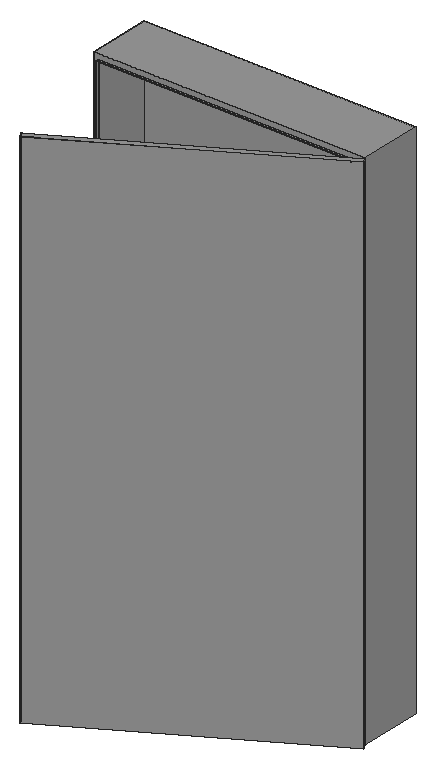
Revit family "Hager-Univers-IP44-D205-H1550-Cl.II-Encl-NoHosted-DE-de", category Equipement électrique, Revit 2020
Family settings
  Configuration du panneau = Deux colonnes, circuits au sein
  Cote de connecteur circulaire = Utiliser le diamètre
  Type d'élément = Tableau de raccordement
  Basée sur le plan de construction = Oui
  Toujours verticalement = Oui
  Couper avec des vides une fois chargée = Non
  Partagée = Non
  Point de calcul de pièce = Non
Parameters (values of type "Aufputz IP44 B800 H1550 T205  - FP03SN2")
  Width Control [instance] = if([EF000008 - Breite] > Min Width, [EF000008 - Breite], Min Width)  # 800 mm
  Commentaires du type = [HG000003 - Bereich]  # "Univers"
  Thickness Door [instance] = if([EF009171 - Materialstärke Tür/Deckel] > 3 mm, 3 mm, [EF009171 - Materialstärke Tür/Deckel])  # 1 mm
  Seal Frame Offset [instance] = 17 mm  # constant formula
  Plinth Visibility [instance] = [HG000027 - Sockelhöhe] > 0 mm  # no
  Min Width [instance] = 100 mm  # constant formula
  Min Depth [instance] = (2 * [EF009170 - Materialstärke Gehäuse]) + 1 mm  # 3 mm
  Min Height [instance] = 100 mm  # constant formula
  Internal Frame Depth [instance] = (Door System Depth * 0.5)  # 9 mm
  Panel Name [instance] = ""  # (empty or 0)
  Model = ""
  HG000027 - Sockelhöhe = 0 mm
  HG000026 - Stehend auf dem Boden = no
  HG000024 - Höhe des unteren Teils = 600 mm
  HG000023 - Gehäuse mit doppeltem Querschnitt = no
  HG000016 - 3D-Türsichtbarkeit [instance] = yes
  HG000015 - Sichtbarkeit der Türöffnung [instance] = no
  HG000014 - Tür rechts [instance] = yes
  HG000013 - Tür links [instance] = not([HG000014 - Tür rechts])  # no
  HG000012 - Türschwenkwinkel [instance] = 30.00°
  HG000010 - Asymmetrische Türen = no
  HG000009 - Doppelflügeligen Tür = no
  HG000006 - Unterputz = no
  HG000004 - Herstellerreferenz = "FP03SN2"
  HG000003 - Bereich = "Univers"
  HG000002 - Mit tür = yes
  Frame Offset Bottom [instance] = 10 mm  # constant formula
  Frame Offset [instance] = 15 mm  # constant formula
  EF015940 - Deckel mit Überdruckentlastung = no
  EF011959 - Schutzart (NEMA) = ""
  EF009554 - Anzahl der Öffnungen für Flanschplatten = 6
  EF009212 - Ausführung Deckel = "EV000116 - geschlossen"
  EF009171 - Materialstärke Tür/Deckel = 1 mm
  EF009170 - Materialstärke Gehäuse = 1 mm
  EF008873 - Nennstrom (In) = 250 A
  EF007800 - Geeignet für Blitzschutz = no
  EF006306 - Mit Schloss = no
  EF006244 - Transparenter Deckel/Tür = no
  EF005474 - Schutzart (IP) = "EV006418 - IP44"
  EF004464 - Art der Tür = "EV002646 - Einzel"
  EF004427 - Anzahl der Module = 360
  EF004293 - Schlagfestigkeit = "EV006815 - IK09"
  EF003532 - Geeignet für Außengebrauch = no
  EF002950 - Breite in Teilungseinheiten = 36
  EF001613 - Funktionserhalt = "EV000494 - ohne"
  EF001596 - Werkstoff des Gehäuses = "EV000179 - Stahl"
  EF001131 - Innentiefe = 143 mm
  EF001088 - Anbaumöglichkeit = yes
  EF000437 - Anzahl der Leitungseinführungen = 6
  EF000339 - Art der Abdeckung = "EV001012 - Deckel"
  EF000266 - Anzahl der Reihen = 10
  EF000218 - Einbautiefe = 205 mm
  EF000118 - Mit Montageplatte = no
  EF000116 - RAL-Nummer = "9010"
  EF000049 - Tiefe = 205 mm
  EF000040 - Höhe = 1550 mm
  EF000008 - Breite = 800 mm
  EF000007 - Farbe = "EV000202 - weiß"
  EF000003 - Montageart = "EV000384 - Aufputz"
  Door System Leaf Tolerance [instance] = 1.5 mm  # constant formula
  Door System Depth [instance] = 18 mm  # constant formula
  Door Height [instance] = Height Control - [HG000027 - Sockelhöhe]  # 1550 mm
  Description = ""
  Default Elevation = 1219.2 mm
  Connector Offset [instance] = Height Control / 2  # 775 mm
  Fabricant = "Hager"  # constant formula
  Height Control [instance] = if([EF000040 - Höhe] > Min Height, [EF000040 - Höhe], Min Height)  # 1550 mm
  Depth Control [instance] = if([EF000049 - Tiefe] > Min Depth, [EF000049 - Tiefe], Min Depth)  # 205 mm
  Bottom Top Plate Trim [instance] = 1.5 mm  # constant formula
  Plinth height Ctrl [instance] = if([HG000027 - Sockelhöhe] > 0 mm, [HG000027 - Sockelhöhe], 12 mm)  # 12 mm
Types (5, lengths in mm): name | Width Control | HG000009 - Doppelflügeligen Tür | HG000004 - Herstellerreferenz | EF009554 - Anzahl der Öffnungen für Flanschplatten | EF008873 - Nennstrom (In) | EF004464 - Art der Tür | EF004427 - Anzahl der Module | EF002950 - Breite in Teilungseinheiten | EF001131 - Innentiefe | EF000437 - Anzahl der Leitungseinführungen | EF000008 - Breite
  Aufputz IP44 B1050 H1550 T205  - FP04SN2 | 1050 | yes | "FP04SN2" | 8 | 400 A | "EV003602 - Doppel" | 480 | 48 | 143 | 8 | 1050
  Aufputz IP44 B1300 H1550 T205  - FP05SN2 | 1300 | yes | "FP05SN2" | 10 | 400 A | "EV003602 - Doppel" | 600 | 60 | 143 | 10 | 1300
  Aufputz IP44 B300 H1550 T205  - FP01SN2 | 300 | no | "FP01SN2" | 2 | 250 A | "EV002646 - Einzel" | 120 | 12 | 130 | 2 | 300
  Aufputz IP44 B550 H1550 T205  - FP02SN2 | 550 | no | "FP02SN2" | 4 | 250 A | "EV002646 - Einzel" | 240 | 24 | 143 | 4 | 550
  Aufputz IP44 B800 H1550 T205  - FP03SN2 | 800 | no | "FP03SN2" | 6 | 250 A | "EV002646 - Einzel" | 360 | 36 | 143 | 6 | 800
Reference planes
  plane 1 "Center (Front/Back)": y = 0
  plane 2: z = 0
  plane 3 "Center (Left/Right)": x = 0
  plane 4: y = 0
  plane 5: y = 0
  plane 6: z = 0
  plane 7: x = -400
  plane 8: x = 400
  plane 9: x = 399
  plane 10: x = -399
  plane 11: z = 0
  plane 12: z = 1
  plane 13: y = -205
  plane 14: y = -1
  plane 15: x = 0
  plane 16: y = -187
  plane 17: y = -204
  plane 18: y = -186
  plane 19: x = -384
  plane 20: x = 384
  plane 21: z = 11
  plane 22: x = -383
  plane 23: x = 383
  plane 24: z = 0
  plane 25: z = 1550
  plane 26: z = 1550
  plane 27: z = 1534
  plane 28: z = 1549
Forms (mm)
  Extrusion 1, solid, material "Hager_Steel_RAL7035_Light_Grey", detail levels medium+fine
    sketch origin (-208.679, -4572, 0) x (-1, 0, 0) y (0, -1, 0)
      loop
        line (191.321, -4385) -> (-608.679, -4385) -> (-608.679, -4572) -> (191.321, -4572) -> (191.321, -4385)
    from 0 to 1550
  Extrusion 2, void
    sketch origin (-350.771, -205, 1219.2) x (1, 0, 0) y (0, 0, 1)
      loop
        line (-48.229, 329.8) -> (-48.229, -1218.2) -> (749.771, -1218.2) -> (749.771, 329.8) -> (-48.229, 329.8)
    from -19 to -204
  Extrusion 3, void
    sketch origin (-290.084, -187, 1219.2) x (1, 0, 0) y (0, 0, 1)
      loop
        line (-93.916, -1208.2) -> (674.084, -1208.2) -> (674.084, 314.8) -> (-93.916, 314.8) -> (-93.916, -1208.2)
    from 0 to -1
  Extrusion 4, solid, material "Hager_Steel_RAL7035_Light_Grey", visible <- "Plinth Visibility", detail levels medium+fine
    sketch origin (0, 0, 0) x (1, 0, 0) y (0, 1, 0)
      loop
        line (-400, 0) -> (-400, -187) -> (400, -187) -> (400, 0) -> (-400, 0)
    from 0 to 12 <- "Plinth height Ctrl"
  Extrusion 5, solid, material "Hager_Steel_RAL7035_Light_Grey", detail levels coarse
    sketch origin (0, 0, 0) x (1, 0, 0) y (0, 1, 0)
      loop
        line (-400, 0) -> (-400, -205) -> (400, -205) -> (400, 0) -> (-400, 0)
    from 0 to 1550 <- "Height Control"
  Sweep 6, void
    path in 3D
      loop
        line (-400, -187, 12) -> (400, -187, 12) -> (400, 0, 12) -> (-400, 0, 12) -> (-400, -187, 12)
    profile origin (-400, -93.5, 12) x (1, 0, 0) y (0, 0, 1)
      loop
        line (0, 0) -> (0, -1.5) -> (1.5, -1.5)
        arc (1.5, -1.5) -> (1.061, -0.439) -> (0, 0) r 1.5
  Extrusion 7, solid, material "Hager_Steel_RAL7035_Light_Grey", detail levels fine
    sketch origin (-400, -187, 0) x (1, 0, 0) y (0, 0, 1)
      loop
        line (16, 11) -> (784, 11) -> (784, 1534) -> (16, 1534) -> (16, 11)
      loop
        line (15, 10) -> (785, 10) -> (785, 1535) -> (15, 1535) -> (15, 10)
    from 0 to 9 <- "Internal Frame Depth"
Cuts and joins
  Extrusion 2, Extrusion 3 cuts Extrusion 1
  Sweep 6 cuts Extrusion 4
Lines and regions (mm)
  Masking region 1
    outline origin (0, 0, 0) x (1, 0, 0) y (0, 1, 0)
      loop
        line (-400, 0) -> (-400, -205) -> (400, -205) -> (400, 0) -> (-400, 0)
  Masking region 2, detail levels coarse
    outline origin (-290.084, -187, 1219.2) x (-1, 0, 0) y (0, 0, 1)
      loop
        line (-690.084, -1219.2) -> (109.916, -1219.2) -> (109.916, 330.8) -> (-690.084, 330.8) -> (-690.084, -1219.2)
  Masking region 3, detail levels coarse
    outline origin (0, 0, 0) x (0, 1, 0) y (0, 0, 1)
      loop
        line (0, 0) -> (0, 1550) -> (-205, 1550) -> (-205, 0) -> (0, 0)
  Masking region 4, visible <- "Plinth Visibility", detail levels medium+fine
    outline origin (0, 0, 0) x (0, 1, 0) y (0, 0, 1)
      loop
        line (-1.5, 12) -> (-185.5, 12)
        arc (-185.5, 12) -> (-185.939, 10.939) -> (-187, 10.5) r 1.5
        line (-187, 10.5) -> (-187, 0) -> (0, 0) -> (0, 10.5)
        arc (0, 10.5) -> (-1.061, 10.939) -> (-1.5, 12) r 1.5
  Masking region 5, detail levels medium+fine
    outline origin (0, 0, 594.038) x (0, 1, 0) y (0, 0, 1)
      loop
        line (0, -594.038) -> (0, 955.962) -> (-187, 955.962) -> (-187, -594.038) -> (0, -594.038)
  Masking region 6, detail levels medium+fine
    outline origin (-359.7, -187, 1211.883) x (-1, 0, 0) y (0, 0, 1)
      loop
        line (-759.7, -1211.883) -> (40.3, -1211.883) -> (40.3, 338.117) -> (-759.7, 338.117) -> (-759.7, -1211.883)
  Masking region 7, visible <- "Plinth Visibility", detail levels medium+fine
    outline origin (-320.334, -187, 1041.368) x (-1, 0, 0) y (0, 0, 1)
      loop
        line (-720.334, -1041.368) -> (79.666, -1041.368) -> (79.666, -1030.868)
        arc (79.666, -1030.868) -> (78.606, -1030.429) -> (78.166, -1029.368) r 1.5
        line (78.166, -1029.368) -> (-718.834, -1029.368)
        arc (-718.834, -1029.368) -> (-719.273, -1030.429) -> (-720.334, -1030.868) r 1.5
        line (-720.334, -1030.868) -> (-720.334, -1041.368)
  sketch lines
    curve 1: line (-400, 0, 12) -> (-400, -187, 12)
    curve 2: line (-400, -187, 12) -> (400, -187, 12)
    curve 3: line (400, 0, 12) -> (-400, 0, 12)
    curve 4: line (400, -187, 12) -> (400, 0, 12)
Dimensions and locks
  locked: plane 1 "Center (Front/Back)" to plane 5
  "EF009170 - Materialstärke Gehäuse": plane 7 to plane 10
  "EF009170 - Materialstärke Gehäuse": plane 8 to plane 9
  equal spacing: plane 7, plane 3 "Center (Left/Right)", plane 8
  "Width Control": plane 7 to plane 8
  "Depth Control": plane 4 to plane 13
  "EF009170 - Materialstärke Gehäuse": plane 4 to plane 14
  "Height Control": plane 25 to level
  "HG000027 - Sockelhöhe": plane 11 to level
  "EF009170 - Materialstärke Gehäuse": plane 12 to plane 11
  "EF009170 - Materialstärke Gehäuse": plane 17 to plane 13
  "EF009170 - Materialstärke Gehäuse": plane 18 to plane 16
  "Frame Offset Bottom": plane 21 to plane 12
  "Frame Offset": plane 10 to plane 19
  "Frame Offset": plane 9 to plane 20
  "Door System Depth": plane 16 to plane 13
  "Seal Frame Offset": plane 7 to plane 22
  "Seal Frame Offset": plane 8 to plane 23
  "EF009170 - Materialstärke Gehäuse": plane 26 to plane 28
  "Frame Offset": plane 28 to plane 27
  "Connector Offset": plane 2 to connector elem
  "Bottom Top Plate Trim": profile plane to Sweep 6 sketch curve
  "Bottom Top Plate Trim": Sweep 6 sketch curve to Sweep 6 sketch curve
  "Plinth height Ctrl": Masking region 4 sketch curve to level
  "Plinth height Ctrl": Masking region 7 sketch curve to level
  "Thickness Door": Extrusion 7 sketch curve to Extrusion 7 sketch curve  (x4)
  "Bottom Top Plate Trim": radius of Sweep 6 sketch curve
  "Bottom Top Plate Trim": radius of Masking region 4 sketch curve  (x2)
  "Bottom Top Plate Trim": radius of Masking region 7 sketch curve  (x2)
  aligned and locked: Extrusion 2 sketch curve to plane 12
  aligned and locked: Extrusion 2 sketch curve to plane 9
  aligned and locked: Extrusion 2 sketch curve to plane 10
  aligned and locked: Extrusion 2 to plane 14
  aligned and locked: Extrusion 1 sketch curve to plane 4
  aligned and locked: plane 8 to Extrusion 1 sketch curve
  aligned and locked: plane 7 to Extrusion 1 sketch curve
  aligned and locked: Extrusion 2 to plane 18
  aligned and locked: Extrusion 3 sketch curve to plane 19
  aligned and locked: plane 20 to Extrusion 3 sketch curve
  aligned and locked: Extrusion 3 to Extrusion 2
  aligned and locked: Extrusion 3 sketch curve to plane 21
  aligned and locked: plane 3 "Center (Left/Right)" to nested 1
  aligned and locked: Extrusion 1 sketch curve to plane 16
  aligned and locked: Extrusion 4 sketch curve to cut or joined group of Extrusion 1, Extrusion 2, Extrusion 3
  aligned and locked: Masking region 1 sketch curve to plane 7
  aligned and locked: Masking region 1 sketch curve to plane 5
  aligned and locked: Masking region 1 sketch curve to plane 8
  aligned and locked: Masking region 2 sketch curve to level
  aligned and locked: level to Masking region 3 sketch curve
  aligned and locked: plane 1 "Center (Front/Back)" to Masking region 3 sketch curve
  aligned and locked: plane 13 to Masking region 3 sketch curve
  aligned and locked: plane 5 to Masking region 4 sketch curve
  aligned and locked: Masking region 2 sketch curve to plane 8
  aligned and locked: Masking region 2 sketch curve to plane 7
  aligned and locked: plane 7 to nested 2
  aligned and locked: nested 2 to plane 5
  aligned and locked: plane 5 to Masking region 5 sketch curve
  aligned and locked: plane 26 to Masking region 5 sketch curve
  aligned and locked: Extrusion 5 sketch curve to plane 8
  aligned and locked: Extrusion 5 sketch curve to plane 7
  aligned and locked: Extrusion 5 sketch curve to plane 5
  aligned and locked: Extrusion 3 sketch curve to plane 27
  aligned and locked: Extrusion 2 sketch curve to plane 28
  aligned and locked: Masking region 2 to plane 25
  aligned and locked: Extrusion 4 to plane 16
  aligned and locked: profile plane to Sweep 6 sketch curve
  aligned and locked: Masking region 5 sketch curve to plane 24
  aligned and locked: level to Masking region 4 sketch curve
  aligned and locked: Masking region 1 to plane 13
  aligned and locked: nested 1 to plane 16
  aligned and locked: Masking region 3 to plane 25
  aligned and locked: plane 16 to Masking region 4 sketch curve
  aligned and locked: Masking region 5 sketch curve to plane 16
  aligned and locked: plane 24 to plane 11
  aligned and locked: plane 26 to plane 25
  aligned and locked: plane 26 to cut or joined group of Extrusion 1, Extrusion 2, Extrusion 3
  aligned and locked: nested 1 to plane 24
  aligned and locked: Extrusion 1 to Extrusion 3
  aligned and locked: Masking region 6 sketch curve to plane 8
  aligned and locked: Masking region 6 sketch curve to plane 24
  aligned and locked: Masking region 6 sketch curve to plane 7
  aligned and locked: Masking region 6 sketch curve to plane 26
  aligned and locked: Masking region 7 sketch curve to plane 7
  aligned and locked: level to Masking region 7 sketch curve
  aligned and locked: Masking region 7 sketch curve to plane 8
  aligned and locked: Extrusion 7 sketch curve to cut or joined group of Extrusion 1, Extrusion 2, Extrusion 3  (x4)
Automatic sketch dimensions
  plane 19 to Extrusion 3 sketch curve = 0 mm
  Extrusion 3 sketch curve to plane 20 = 0 mm
  Extrusion 3 sketch curve to plane 21 = 0 mm
  Extrusion 4 sketch curve to plane 7 = 0 mm
  Extrusion 4 sketch curve to plane 8 = 0 mm
  Extrusion 4 sketch curve to plane 16 = 0 mm
  Masking region 1 sketch curve to plane 13 = 0 mm
  Masking region 2 sketch curve to plane 25 = 0 mm
  Masking region 3 sketch curve to plane 25 = 0 mm
  Extrusion 5 sketch curve to plane 13 = 0 mm
  profile plane to Sweep 6 sketch curve = 0 mm
Nested families
  nested 1: "EC000058_Univers_Door" at (0, -187, 0), Double <- "HG000009 - Doppelflügeligen Tür", Transparent <- "EF006244 - Transparenter Deckel/Tür", Angle <- "HG000012 - Türschwenkwinkel", Door_Right <- "HG000014 - Tür rechts", Assymetrical <- "HG000010 - Asymmetrische Türen", Door <- "HG000002 - Mit tür", Width_Ctrl <- "Width Control", 3d_Door <- "HG000016 - 3D-Türsichtbarkeit", Clearance <- "HG000015 - Sichtbarkeit der Türöffnung", Door_Left <- "HG000013 - Tür links", Width <- "Width Control", Door_Depth <- "Door System Depth", Leaf_Tolerance <- "Door System Leaf Tolerance", Height <- "Door Height", Lock_Visibility <- "EF006306 - Mit Schloss", Thickness <- "Thickness Door", type "EC000058_Univers_Door", detail levels medium+fine
    with min_wh 3 mm, Width_Ctrl 800 mm, Width 800 mm, Transparent no, Thickness 1 mm, Seal_Material Hager_Rubber, Lock_Visibility no, Lock_Material Hager_Plastic_RAL9005_Jet_Black, Leaf_Width 800 mm, Leaf_Tolerance_External_Sides 0 mm, Leaf_Tolerance 1.5 mm, Leaf_Offset 0 mm, Leaf_Height 1547 mm, Leaf_2_Width 800 mm, Leaf_2_Offset 400 mm, Leaf_1_Width 800 mm, Leaf_1_Offset 400 mm, Height_Ctrl 1550 mm, Height 1550 mm, Glass_Material Hager_Glass, Double_Clearance_Ctrl no, Double no, Door_Right_Ctrl yes, Door_Right yes, Door_Material Hager_Steel_RAL7035_Light_Grey, Door_Left_Ctrl no, Door_Left no, Door_Depth 18 mm, Door yes, Clearance_Material Hager_Clearance, Clearance_Depth 800 mm, Clearance_Ctrl no, Clearance no, Assymetrical no, Angle 30.00°, 3d_Door yes
  nested 2: "Hager_Enclosure_Symbol" at (-400, 0, 0), Height <- "Depth Control", Width <- "Width Control", type "Hager_Enclosure_Symbol"
    with Width_Ctrl 800 mm, Width 800 mm, Height_Ctrl 205 mm, Height 205 mm, A_Width_Int 13.453 mm, A_Width 161.438 mm, A_Height_Ctrl 179.375 mm, A_Height 179.375 mm
Connectors
  electrical at (0, 0, 775)
    settings: on plane 1 "Center (Front/Back)", index 1, voltage 0 V, apparent load 0 VA, apparent load phase1 0 VA, apparent load phase2 0 VA, apparent load phase3 0 VA, power factor 1, load classification "Other", number of poles 1, system type 30, power factor state 1, is connector primary yes, connector utility no, sub classification motor no, connector description ""
Definition of nested family "EC000058_Univers_Door"
  Parameters (values of type "EC000058_Univers_Door")
    min_wh [instance] = (2 * Thickness) + 1 mm  # 11 mm
    Width_Ctrl [instance] = 400 mm
    Width [instance] = 500 mm
    Transparent [instance] = yes
    Thickness [instance] = 5 mm
    Seal_Material [instance] = none
    Lock_Visibility [instance] = yes
    Lock_Material [instance] = none
    Leaf_Width [instance] = if((Width_Ctrl - 2 * Leaf_Tolerance_External_Sides) > 0 mm, (Width_Ctrl - 2 * Leaf_Tolerance_External_Sides), min_wh)  # 400 mm
    Leaf_Tolerance_External_Sides [instance] = 0 mm  # constant formula
    Leaf_Tolerance [instance] = 1.5 mm
    Leaf_Offset [instance] = 0 mm  # constant formula
    Leaf_Height [instance] = if((Height_Ctrl - 2 * Leaf_Tolerance) > 0 mm, (Height_Ctrl - 2 * Leaf_Tolerance), min_wh)  # 497 mm
    Leaf_2_Width [instance] = if(and(and(Double, Assymetrical), Door_Left), (Leaf_Width / 3) - (Leaf_Tolerance / 2), if(and(and(Double, Assymetrical), Door_Right), (Leaf_Width / 3) * 2 - (Leaf_Tolerance / 2), if(and(Double, not(Assymetrical)), (Leaf_Width / 2) - Leaf_Tolerance, Leaf_Width)))  # 400 mm
    Leaf_2_Offset [instance] = if(and(Double, Assymetrical), Leaf_2_Width / 2, if(and(Double, not(Assymetrical)), Leaf_Width / 4, Leaf_Width / 2))  # 200 mm
    Leaf_1_Width [instance] = if(and(and(Double, Assymetrical), Door_Right), (Leaf_Width / 3) - (Leaf_Tolerance / 2), if(and(and(Double, Assymetrical), Door_Left), (Width / 3) * 2 - (Leaf_Tolerance / 2), if(and(Double, not(Assymetrical)), (Leaf_Width / 2) - Leaf_Tolerance, Leaf_Width)))  # 400 mm
    Leaf_1_Offset [instance] = if(and(Double, Assymetrical), Leaf_1_Width / 2, if(and(Double, not(Assymetrical)), Leaf_Width / 4, Leaf_Width / 2))  # 200 mm
    Height_Ctrl [instance] = if(Height > min_wh, Height, min_wh)  # 500 mm
    Height [instance] = 500 mm
    Glass_Material [instance] = none
    Double_Clearance_Ctrl [instance] = and(Double, Clearance)  # no
    Double [instance] = no
    Door_Right_Ctrl [instance] = and(or(Door_Right, Double), Door)  # yes
    Door_Right [instance] = yes
    Door_Material [instance] = none
    Door_Left_Ctrl [instance] = and(or(Door_Left, Double), Door)  # no
    Door_Left [instance] = no
    Door_Depth [instance] = 30 mm
    Door [instance] = yes
    Default Elevation = 1219.2 mm
    Clearance_Material [instance] = none
    Clearance_Depth [instance] = if(Leaf_1_Width > Leaf_2_Width, Leaf_1_Width, Leaf_2_Width)  # 400 mm
    Clearance_Ctrl [instance] = and(not(Double), Clearance)  # yes
    Clearance [instance] = yes
    Assymetrical [instance] = yes
    Angle [instance] = 30.00°
    3d_Door [instance] = yes
  Reference planes
    plane 1 "Center (Front/Back)": y = 0
    plane 2 "Bottom": z = 0
    plane 3 "Center (Left/Right)": x = 0
    plane 4: z = 500
    plane 5: x = -200
    plane 6: x = 200
    plane 7: z = 500
    plane 8: x = -200
    plane 9: z = 0
    plane 10: x = 200
    plane 11: y = 0
    plane 12: z = 1.5
    plane 13: x = -600
    plane 14: y = -400
    plane 15: x = 600
    plane 16: x = 0
    plane 17: x = 0
    plane 18: x = -200
    plane 19: x = 200
    plane 20: z = 498.5
  Forms (mm)
    Extrusion 1, solid, material <- "Clearance_Material", visible <- "Double_Clearance_Ctrl"
      sketch origin (1200, 0, 0) x (1, 0, 0) y (0, 0, -1)
        loop
          line (-1800, -498.5) -> (-600, -498.5) -> (-600, 0) -> (-1800, 0) -> (-1800, -498.5)
      from 0 to -400
  Dimensions and locks
    equal spacing: plane 5, plane 3 "Center (Left/Right)", plane 6
    "Width_Ctrl": plane 5 to plane 6
    "Leaf_Offset": plane 5 to plane 8
    "Leaf_Offset": plane 6 to plane 10
    "Leaf_Offset": plane 9 to level
    "Leaf_Offset": plane 4 to plane 7
    "Height_Ctrl": plane 4 to level
    "Leaf_Tolerance": plane 12 to plane 9
    locked: plane 11 to plane 1 "Center (Front/Back)"
    "Leaf_1_Offset": plane 18 to plane 16
    "Leaf_2_Offset": plane 17 to plane 19
    "Leaf_1_Width": plane 13 to plane 8
    "Leaf_2_Width": plane 10 to plane 15
    "Clearance_Depth": plane 14 to plane 1 "Center (Front/Back)"
    "Leaf_Tolerance_External_Sides": plane 8 to plane 18
    "Leaf_Tolerance_External_Sides": plane 19 to plane 10
    "Leaf_Tolerance": plane 7 to plane 20
    aligned and locked: level to plane 2 "Bottom"
    aligned and locked: nested 1 to plane 16
    aligned and locked: nested 2 to plane 17
    aligned and locked: Extrusion 1 to plane 13
    aligned and locked: plane 15 to Extrusion 1
    aligned and locked: Extrusion 1 to plane 14
    aligned and locked: plane 12 to nested 1
    aligned and locked: nested 2 to plane 12
    aligned and locked: Extrusion 1 to plane 11
    aligned and locked: plane 20 to Extrusion 1
    aligned and locked: nested 2 to plane 11
    aligned and locked: nested 1 to plane 11
  Automatic sketch dimensions
    Extrusion 1 sketch curve to level = 0 mm
    plane 5 to Extrusion 1 sketch curve = 400 mm
    plane 6 to Extrusion 1 sketch curve = 400 mm
    Extrusion 1 sketch curve to plane 4 = 1.5 mm
  Nested families
    nested 1: "EC000058_Univers_Door_Leaf" at (0, 0, 1.5), Width <- "Leaf_1_Width", visible <- "Door_Left_Ctrl", Leaf_Height <- "Leaf_Height", Angle <- "Angle", 3d_Door <- "3d_Door", Transparent <- "Transparent", Clearance Material <- "Clearance_Material", Clearance <- "Clearance_Ctrl", Door_Material <- "Door_Material", Glass_Material <- "Glass_Material", Door_Depth <- "Door_Depth", Lock_Material <- "Lock_Material", Seal_Material <- "Seal_Material", Lock_Visibility <- "Lock_Visibility", Thickness <- "Thickness", type "EC000058_Univers_Door_Leaf"
      with Width 400 mm, Transparent_Glass_Offset 30 mm, Transparent_Ctrl yes, Transparent yes, Thickness 5 mm, Standard no, Seal_Material none, Seal_D2 8 mm, Seal_D1 1 mm, Offset_Internal_Frame 10 mm, Lock_Width 20 mm, Lock_Visibility_3d yes, Lock_Visibility yes, Lock_Thickness_3 3 mm, Lock_Thickness_2 1 mm, Lock_Thickness_1 3 mm, Lock_Radius_Offset_2 16 mm, Lock_Radius_Offset_1 15 mm, Lock_Radius_2 5 mm, Lock_Radius 6 mm, Lock_Offset 5 mm, Lock_Material none, Lock_Height 80 mm, Lock_Cover_Top_Offset_2d 17 mm, Lock_Cover_Height -65 mm, Leaf_Height 497 mm, Internal_Seal_Thickness 8 mm, Internal_Seal_Depth_2 4.5 mm, Internal_Frame_Depth 25 mm, Glass_Thickness -1 mm, Glass_Offset -2 mm, Glass_Material none, Door_Material none, Door_Depth 30 mm, Clearance Material none, Clearance yes, Angle_Ctrl 30.00°, Angle 30.00°, 3d_Door yes
    nested 2: "EC000058_Univers_Door_Leaf" at (0, 0, 1.5) x (-1, 0, 0) z (0, 0, 1), Width <- "Leaf_2_Width", visible <- "Door_Right_Ctrl", Leaf_Height <- "Leaf_Height", Angle <- "Angle", 3d_Door <- "3d_Door", Transparent <- "Transparent", Clearance Material <- "Clearance_Material", Clearance <- "Clearance_Ctrl", Door_Material <- "Door_Material", Glass_Material <- "Glass_Material", Door_Depth <- "Door_Depth", Lock_Material <- "Lock_Material", Seal_Material <- "Seal_Material", Lock_Visibility <- "Lock_Visibility", Thickness <- "Thickness", type "EC000058_Univers_Door_Leaf"
      with Width 400 mm, Transparent_Glass_Offset 30 mm, Transparent_Ctrl yes, Transparent yes, Thickness 5 mm, Standard no, Seal_Material none, Seal_D2 8 mm, Seal_D1 1 mm, Offset_Internal_Frame 10 mm, Lock_Width 20 mm, Lock_Visibility_3d yes, Lock_Visibility yes, Lock_Thickness_3 3 mm, Lock_Thickness_2 1 mm, Lock_Thickness_1 3 mm, Lock_Radius_Offset_2 16 mm, Lock_Radius_Offset_1 15 mm, Lock_Radius_2 5 mm, Lock_Radius 6 mm, Lock_Offset 5 mm, Lock_Material none, Lock_Height 80 mm, Lock_Cover_Top_Offset_2d 17 mm, Lock_Cover_Height -65 mm, Leaf_Height 497 mm, Internal_Seal_Thickness 8 mm, Internal_Seal_Depth_2 4.5 mm, Internal_Frame_Depth 25 mm, Glass_Thickness -1 mm, Glass_Offset -2 mm, Glass_Material none, Door_Material none, Door_Depth 30 mm, Clearance Material none, Clearance yes, Angle_Ctrl 30.00°, Angle 30.00°, 3d_Door yes
  Definition of nested family "EC000058_Univers_Door_Leaf"
    Parameters (values of type "EC000058_Univers_Door_Leaf")
      Width [instance] = 2000 mm
      Transparent_Glass_Offset [instance] = 30 mm
      Transparent_Ctrl [instance] = and(Transparent, [3d_Door])  # yes
      Transparent [instance] = yes
      Thickness [instance] = 5 mm
      Standard [instance] = and(not(Transparent), [3d_Door])  # no
      Seal_Material [instance] = none
      Seal_D2 [instance] = 8 mm  # constant formula
      Seal_D1 [instance] = 1 mm  # constant formula
      Offset_Internal_Frame [instance] = 10 mm  # constant formula
      Lock_Width [instance] = 20 mm  # constant formula
      Lock_Visibility_3d [instance] = and(Lock_Visibility, [3d_Door])  # yes
      Lock_Visibility [instance] = yes
      Lock_Thickness_3 [instance] = 3 mm  # constant formula
      Lock_Thickness_2 [instance] = 1 mm  # constant formula
      Lock_Thickness_1 [instance] = 3 mm  # constant formula
      Lock_Radius_Offset_2 [instance] = Lock_Radius_Offset_1 + 1 mm  # 16 mm
      Lock_Radius_Offset_1 [instance] = 15 mm  # constant formula
      Lock_Radius_2 [instance] = Lock_Radius - 1 mm  # 5 mm
      Lock_Radius [instance] = 6 mm  # constant formula
      Lock_Offset [instance] = 5 mm  # constant formula
      Lock_Material [instance] = none
      Lock_Height [instance] = 80 mm  # constant formula
      Lock_Cover_Top_Offset_2d [instance] = Lock_Radius_Offset_2 + 1 mm  # 17 mm
      Lock_Cover_Height [instance] = -(Lock_Height - Lock_Radius_Offset_1)  # -65 mm
      Leaf_Height [instance] = 2720.336 mm
      Internal_Seal_Thickness [instance] = 8 mm  # constant formula
      Internal_Seal_Depth_2 [instance] = 4.5 mm  # constant formula
      Internal_Frame_Depth [instance] = if(Door_Depth - Thickness > 5 mm, Door_Depth - Thickness, 5 mm)  # 25 mm
      Glass_Thickness [instance] = if(Thickness > 15 mm, Glass_Offset + 10 mm, -1 mm)  # -1 mm
      Glass_Offset [instance] = if(Thickness > 15 mm, -(Thickness + 10 mm) / 2, -2 mm)  # -2 mm
      Glass_Material [instance] = none
      Door_Material [instance] = none
      Door_Depth [instance] = 30 mm
      Default Elevation = 0 mm
      Clearance Material [instance] = none
      Clearance [instance] = yes
      Angle_Ctrl [instance] = if(Angle > 180.00°, 180.00°, Angle)  # 90.00°
      Angle [instance] = 90.00°
      3d_Door [instance] = yes
    Reference planes
      plane 1 "Center (Front/Back)": y = 0
      plane 2: z = 0
      plane 3 "Center (Left/Right)": x = 0
      plane 4: y = 2000
      plane 5: x = -1000
      plane 6: x = 1000
      plane 7: x = -3000
      plane 8: z = 2720.336
      plane 9: z = 30
      plane 10: z = 2690.336
      plane 11: x = 970
      plane 12: x = -970
      plane 13: y = -3
      plane 14: z = 107.833
      plane 15: y = -5
      plane 16: y = -223.314
      plane 17: x = -1000
      plane 18: z = 1360.168
      plane 19: y = 30
    Forms (mm)
      Extrusion 1, solid, material <- "Clearance Material", visible <- "Clearance"
        sketch origin (0, 0, 0) x (1, 0, 0) y (0, 0, 1)
          loop
            line (-3000, 2720.336) -> (-3000, 0) -> (1000, 0) -> (1000, 2720.336) -> (-3000, 2720.336)
        from 0 to -2000
      Extrusion 2, solid, material <- "Door_Material", visible <- "Standard", detail levels medium+fine
        sketch origin (-1000, 0, 0) x (0, 1, 0) y (-1, 0, 0)
          loop
            line (0, 30) -> (0, 25) -> (2000, 25) -> (2000, 30) -> (0, 30)
        from 0 to 2720.336 <- "Leaf_Height"
      Extrusion 3, solid, material <- "Door_Material", visible <- "Transparent_Ctrl", detail levels medium+fine
        sketch origin (-1000, 0, 0) x (0, 1, 0) y (-1, 0, 0)
          loop
            line (0, 25) -> (2000, 25) -> (2000, 30) -> (0, 30) -> (0, 25)
        from 0 to 2720.336 <- "Leaf_Height"
      Extrusion 4, void
        sketch origin (-1025, 2000, 0) x (0, 1, 0) y (0, 0, -1)
          loop
            line (-30, -2690.336) -> (-30, -30) -> (-1970, -30) -> (-1970, -2690.336) -> (-30, -2690.336)
        from 0 to 5 <- "Thickness"
      Sweep 5, solid, material <- "Seal_Material", visible <- "Transparent_Ctrl", detail levels fine
        path in 3D
          loop
            line (-1025, 30, 30) -> (-1025, 30, 2690.336) -> (-1025, 1970, 2690.336) -> (-1025, 1970, 30) -> (-1025, 30, 30)
        profile origin (-1025, 1000, 30) x (1, 0, 0) y (0, 0, 1)
          loop
            line (0, 0) -> (0, -8) -> (1, -8) -> (1, 0) -> (0, 0)
      Extrusion 6, solid, material <- "Glass_Material", visible <- "Transparent_Ctrl", detail levels medium+fine
        sketch origin (-1030, 0, 0) x (0, 1, 0) y (0, 0, -1)
          loop
            line (1970, -2690.336) -> (1970, -30) -> (30, -30) -> (30, -2690.336) -> (1970, -2690.336)
        from -2 <- "Glass_Offset" to -1 <- "Glass_Thickness"
      Extrusion 7, solid, material <- "Door_Material", visible <- "3d_Door", detail levels medium+fine
        sketch origin (-1025, 2000, 0) x (0, -1, 0) y (0, 0, -1)
          loop
            line (0, -2720.336) -> (2000, -2720.336) -> (2000, 0) -> (0, 0) -> (0, -2720.336)
          loop
            line (1995, -5) -> (5, -5) -> (5, -2715.336) -> (1995, -2715.336) -> (1995, -5)
        from 0 to 25 <- "Internal_Frame_Depth"
      Sweep 8, solid, material <- "Seal_Material", visible <- "Transparent_Ctrl", detail levels fine
        path in 3D
          loop
            line (-1025, 0, 0) -> (-1025, 2000, 0) -> (-1025, 2000, 2720.336) -> (-1025, 0, 2720.336) -> (-1025, 0, 0)
        profile origin (-1025, 0, 1360.168) x (1, 0, 0) y (0, 1, 0)
          loop
            line (0, 10) -> (2.975, 10)
            arc (2.975, 10) -> (4.053, 10.447) -> (4.5, 11.525) r 1.525
            line (4.5, 11.525) -> (4.5, 16.527)
            arc (4.5, 16.527) -> (4.069, 17.569) -> (3.027, 18) r 1.473
            line (3.027, 18) -> (0, 18) -> (0, 10)
      Extrusion 9, solid, material <- "Lock_Material", visible <- "Lock_Visibility_3d", detail levels fine
        sketch origin (-1030, 0, 0) x (0, 1, 0) y (0, 0, -1)
          loop
            arc (1993.5, -1400.168) -> (1994.561, -1399.729) -> (1995, -1398.668) r 1.5
            line (1995, -1398.668) -> (1995, -1320.168) -> (1975, -1320.168) -> (1975, -1398.668)
            arc (1975, -1398.668) -> (1975.439, -1399.729) -> (1976.5, -1400.168) r 1.5
            line (1976.5, -1400.168) -> (1993.5, -1400.168)
        from 3 <- "Lock_Thickness_1" to 0
      Blend 10, solid, material <- "Lock_Material", visible <- "Lock_Visibility_3d", detail levels fine
        base sketch origin (-1033, 0, 0) x (0, 1, 0) y (0, 0, -1)
          loop
            line (1975, -1320.168) -> (1975, -1398.668)
            arc (1975, -1398.668) -> (1975.439, -1399.729) -> (1976.5, -1400.168) r 1.5
            line (1976.5, -1400.168) -> (1993.5, -1400.168)
            arc (1993.5, -1400.168) -> (1994.561, -1399.729) -> (1995, -1398.668) r 1.5
            line (1995, -1398.668) -> (1995, -1320.168) -> (1975, -1320.168)
        top sketch origin (-1033, 0, 0) x (0, 1, 0) y (0, 0, -1)
          loop
            line (1976, -1320.168) -> (1976, -1398.668)
            arc (1976, -1398.668) -> (1976.146, -1399.022) -> (1976.5, -1399.168) r 0.5
            line (1976.5, -1399.168) -> (1993.5, -1399.168)
            arc (1993.5, -1399.168) -> (1993.854, -1399.022) -> (1994, -1398.668) r 0.5
            line (1994, -1398.668) -> (1994, -1320.168) -> (1976, -1320.168)
        from 0 to 1 <- "Lock_Thickness_2"
      Blend 11, solid, material <- "Lock_Material", visible <- "Lock_Visibility_3d", detail levels fine
        base sketch origin (-1034, 0, 0) x (0, 1, 0) y (0, 0, -1)
          loop
            line (1978, -1320.168) -> (1978, -1384.168)
            arc (1978, -1384.168) -> (1985, -1391.168) -> (1992, -1384.168) r 7
            line (1992, -1384.168) -> (1992, -1320.168) -> (1978, -1320.168)
        top sketch origin (-1034, 0, 0) x (0, 1, 0) y (0, 0, -1)
          loop
            line (1991, -1320.168) -> (1979, -1320.168) -> (1979, -1383.168)
            arc (1979, -1383.168) -> (1985, -1389.168) -> (1991, -1383.168) r 6
            line (1991, -1383.168) -> (1991, -1320.168)
        from 0 to 3 <- "Lock_Thickness_3"
      Extrusion 12, solid, material <- "Lock_Material", visible <- "Lock_Visibility_3d", detail levels fine
        sketch origin (-1030, 1975, 1320.168) x (1, 0, 0) y (0, -1, 0)
          loop
            line (-7, -19) -> (-7, -1) -> (0, -1) -> (0, 0) -> (-8, 0) -> (-8, -20) -> (0, -20) -> (0, -19) -> (-7, -19)
        from 0 to -65 <- "Lock_Cover_Height"
      Extrusion 13, void
        sketch origin (-1038, 1995, 1320.168) x (-1, 0, 0) y (0, 0, -1)
          loop
            line (-5, -65) -> (0, -65) -> (-5, -60) -> (-5, -65)
        from 0 to 20 <- "Lock_Width"
      Extrusion 14, void
        sketch origin (-1038, 1975, 1320.168) x (0, -1, 0) y (0, 0, -1)
          loop
            circle (-10, -15.995) r 6
          loop
            circle (-10, -15.995) r 5
        from 0 to 2
      Extrusion 15, solid, material <- "Lock_Material", visible <- "Lock_Visibility_3d", detail levels medium
        sketch origin (-1030, 0, 0) x (0, 1, 0) y (0, 0, -1)
          loop
            arc (1993.5, -1400.168) -> (1994.561, -1399.729) -> (1995, -1398.668) r 1.5
            line (1995, -1398.668) -> (1995, -1320.168) -> (1975, -1320.168) -> (1975, -1398.668)
            arc (1975, -1398.668) -> (1975.439, -1399.729) -> (1976.5, -1400.168) r 1.5
            line (1976.5, -1400.168) -> (1993.5, -1400.168)
        from 8 to 0
    Cuts and joins
      Extrusion 4 cuts Extrusion 3
      Extrusion 13, Extrusion 14 cuts Extrusion 9
      Extrusion 14 cuts Blend 11
      Extrusion 13, Extrusion 14 cuts Extrusion 12
      joined: Extrusion 9, Blend 10, Blend 11, Extrusion 12
      Extrusion 14 cuts Extrusion 15
    Lines and regions (mm)
      Masking region 1, visible <- "Lock_Visibility", detail levels fine
        outline origin (0, 0, 0) x (0, 1, 0) y (0, 0, 1)
          loop
            line (30, 1320.168) -> (33, 1320.168) -> (33, 1400.168) -> (30, 1400.168) -> (30, 1320.168)
      Masking region 2, visible <- "Lock_Visibility", detail levels fine
        outline origin (0, 3.143, 0) x (0, 1, 0) y (0, 0, 1)
          loop
            line (29.857, 1354.168) -> (30.857, 1354.168) -> (30.857, 1366.168) -> (29.857, 1366.168) -> (29.857, 1354.168)
      Masking region 3, detail levels medium+fine
        outline origin (0, 0, 0) x (0, 1, 0) y (0, 0, 1)
          loop
            line (0, 0) -> (30, 0) -> (30, 2720.336) -> (0, 2720.336) -> (0, 0)
      Masking region 4, detail levels medium+fine
        outline origin (0, 0, 0) x (1, 0, 0) y (0, 0, 1)
          loop
            line (-1000, 2720.336) -> (-1000, 0) -> (1000, 0) -> (1000, 2720.336) -> (-1000, 2720.336)
      Masking region 5, visible <- "Lock_Visibility", detail levels fine
        outline origin (-47.116, 0, 0) x (1, 0, 0) y (0, 0, 1)
          loop
            arc (1024.616, 1399.168) -> (1023.556, 1398.729) -> (1023.116, 1397.668) r 1.5
            line (1023.116, 1397.668) -> (1023.116, 1320.168) -> (1041.116, 1320.168) -> (1041.116, 1397.668)
            arc (1041.116, 1397.668) -> (1040.677, 1398.729) -> (1039.616, 1399.168) r 1.5
            line (1039.616, 1399.168) -> (1024.616, 1399.168)
      Masking region 6, visible <- "Lock_Visibility", detail levels medium+fine
        outline origin (-25, 0, 0) x (1, 0, 0) y (0, 0, 1)
          loop
            arc (1001.5, 1400.168) -> (1000.439, 1399.729) -> (1000, 1398.668) r 1.5
            line (1000, 1398.668) -> (1000, 1320.168) -> (1020, 1320.168) -> (1020, 1398.668)
            arc (1020, 1398.668) -> (1019.561, 1399.729) -> (1018.5, 1400.168) r 1.5
            line (1018.5, 1400.168) -> (1001.5, 1400.168)
      Masking region 7, visible <- "Lock_Visibility", detail levels fine
        outline origin (-73.735, 0, 0) x (1, 0, 0) y (0, 0, 1)
          loop
            line (1051.735, 1382.168) -> (1065.735, 1382.168) -> (1065.735, 1384.168)
            arc (1065.735, 1384.168) -> (1058.735, 1391.168) -> (1051.735, 1384.168) r 7
            line (1051.735, 1384.168) -> (1051.735, 1382.168)
      Masking region 8, visible <- "Lock_Visibility", detail levels fine
        outline origin (-73.735, 0, 0) x (1, 0, 0) y (0, 0, 1)
          loop
            line (1052.735, 1382.168) -> (1064.735, 1382.168) -> (1064.735, 1383.168)
            arc (1064.735, 1383.168) -> (1058.735, 1389.168) -> (1052.735, 1383.168) r 6
            line (1052.735, 1383.168) -> (1052.735, 1382.168)
      Masking region 9, visible <- "Lock_Visibility", detail levels fine
        outline origin (-25, 0, 0) x (1, 0, 0) y (0, 0, 1)
          loop
            line (1020, 1320.168) -> (1020, 1382.168) -> (1000, 1382.168) -> (1000, 1320.168) -> (1020, 1320.168)
      Masking region 10, detail levels medium+fine
        outline origin (0, 0, 0) x (1, 0, 0) y (0, 0, 1)
          loop
            circle (985, 1335.144) r 6
      Masking region 11, detail levels fine
        outline origin (0, 0, 0) x (1, 0, 0) y (0, 0, 1)
          loop
            circle (985, 1335.144) r 5
      Masking region 12, visible <- "Lock_Visibility", detail levels fine
        outline origin (0, 12.767, 0) x (0, 1, 0) y (0, 0, 1)
          loop
            line (20.233, 1320.168) -> (21.233, 1320.168) -> (21.233, 1399.168) -> (20.233, 1400.168) -> (20.233, 1320.168)
      Masking region 13, visible <- "Lock_Visibility", detail levels fine
        outline origin (0, 13.767, -10) x (0, 1, 0) y (0, 0, 1)
          loop
            line (20.233, 1330.168) -> (23.233, 1330.168) -> (23.233, 1399.168) -> (20.233, 1402.168) -> (20.233, 1330.168)
      Masking region 14, visible <- "Lock_Visibility", detail levels fine
        outline origin (0, 12.767, -10) x (0, 1, 0) y (0, 0, 1)
          loop
            line (20.233, 1330.168) -> (25.233, 1330.168) -> (25.233, 1399.305) -> (20.233, 1394.305) -> (20.233, 1330.168)
      Masking region 15, visible <- "Lock_Visibility", detail levels medium
        outline origin (0, 0, 0) x (0, 1, 0) y (0, 0, 1)
          loop
            line (30, 1320.168) -> (38, 1320.168) -> (38, 1400.168) -> (30, 1400.168) -> (30, 1320.168)
      Masking region 16, visible <- "Lock_Visibility", detail levels fine
        outline origin (-1000, 0, 0) x (0, 1, 0) y (-1, 0, 0)
          loop
            line (1975, 30) -> (1995, 30) -> (1995, 38) -> (1975, 38) -> (1975, 30)
          loop
            line (1979, 37) -> (1976, 37) -> (1976, 34) -> (1978, 34) -> (1979, 37)
          loop
            line (1994, 37) -> (1991, 37) -> (1992, 34) -> (1994, 34) -> (1994, 37)
      Masking region 17, visible <- "Lock_Visibility", detail levels medium
        outline origin (-1000, 0, 0) x (0, 1, 0) y (-1, 0, 0)
          loop
            line (1975, 30) -> (1995, 30) -> (1995, 38) -> (1975, 38) -> (1975, 30)
      symbolic lines
        curve 1: line (1000, 0, 0) -> (-3000, 0, 0)
        curve 2: arc (1000, 0, 0) -> (-1000, 2000, 0) -> (-3000, 0, 0) r 2000
        curve 4: line (-1030, 0, 0) -> (-1030, 2000, 0)
      reference lines
        curve 3: line (-1000, 0, 0) -> (-1000, 2000, 0)
      symbolic lines, detail levels medium+fine
        curve 5: line (-1030, 2000, 0) -> (-1025, 2000, 0)
        curve 7: line (-1025, 0, 0) -> (-1030, 0, 0)
        curve 8: line (-1025, 0, 0) -> (-1000, 0, 0)
        curve 9: line (-1000, 0, 0) -> (-1000, 2000, 0)
        curve 10: line (-1000, 2000, 0) -> (-1025, 2000, 0)
      symbolic lines, detail levels fine
        curve 6: line (-1025, 2000, 0) -> (-1025, 0, 0)
      sketch lines
        curve 11: line (-1025, 0, 2720.336) -> (-1025, 0, 0)
        curve 12: line (-1025, 2000, 0) -> (-1025, 0, 0)
        curve 13: line (-1025, 2000, 2720.336) -> (-1025, 2000, 0)
        curve 14: line (-1025, 0, 2720.336) -> (-1025, 2000, 2720.336)
        curve 15: line (-1025, 1970, 30) -> (-1025, 30, 30)
        curve 16: line (-1025, 30, 30) -> (-1025, 30, 2690.336)
        curve 17: line (-1025, 1970, 2690.336) -> (-1025, 1970, 30)
        curve 18: line (-1025, 30, 2690.336) -> (-1025, 1970, 2690.336)
      symbolic lines, visible <- "Transparent", detail levels medium+fine
        curve 19: line (-970, 0, 2690.336) -> (970, 0, 2690.336)
        curve 20: line (-970, 0, 30) -> (-970, 0, 2690.336)
        curve 21: line (970, 0, 30) -> (-970, 0, 30)
        curve 22: line (970, 0, 2690.336) -> (970, 0, 30)
    Dimensions and locks
      "Width": plane 1 "Center (Front/Back)" to plane 4
      equal spacing: plane 5, plane 3 "Center (Left/Right)", plane 6
      "Width": plane 5 to plane 6
      "Width": plane 7 to plane 5
      "Leaf_Height": plane 8 to level
      "Width": curve 5 to curve 3
      "Width": curve 3 to curve 3
      plane 8 to plane 10 = 30 mm
      plane 9 to level = 30 mm
      plane 12 to plane 5 = 30 mm
      plane 6 to plane 11 = 30 mm
      Extrusion 1 to Extrusion 4 sketch curve = 30 mm
      "Transparent_Glass_Offset": curve 3 to Extrusion 4 sketch curve
      "Transparent_Glass_Offset": Extrusion 4 sketch curve to cut or joined group of Extrusion 3, Extrusion 4  (x2)
      cut or joined group of Extrusion 3, Extrusion 4 to Extrusion 6 sketch curve = 30 mm
      "Transparent_Glass_Offset": cut or joined group of Extrusion 3, Extrusion 4 to Extrusion 4 sketch curve
      "Thickness": curve 6 to curve 4
      "Thickness": Extrusion 7 sketch curve to Extrusion 7 sketch curve  (x4)
      "Door_Depth": curve 4 to curve 3
      "Offset_Internal_Frame": profile plane to Sweep 8 sketch curve
      "Internal_Seal_Thickness": Sweep 8 sketch curve to Sweep 8 sketch curve
      "Internal_Seal_Depth_2": profile plane to Sweep 8 sketch curve
      "Seal_D1": profile plane to Sweep 5 sketch curve
      "Seal_D2": profile plane to Sweep 5 sketch curve
      "Thickness": Extrusion 2 sketch curve to Extrusion 2 sketch curve
      equal spacing: Extrusion 9 sketch curve, plane 18, Extrusion 9 sketch curve  (x2)
      equal spacing: Masking region 1 sketch curve, plane 18, Masking region 1 sketch curve
      "Lock_Height": Masking region 1 sketch curve to Masking region 1 sketch curve
      "Lock_Radius": Masking region 2 sketch curve to plane 18 to Masking region 2 sketch curve
      Masking region 2 sketch curve to Masking region 1 = 1 mm
      "Door_Depth": plane 19 to plane 1 "Center (Front/Back)"
      "Lock_Thickness_1": Masking region 1 sketch curve to plane 19
      "Lock_Width": Extrusion 9 sketch curve to Extrusion 9 sketch curve
      "Lock_Height": Extrusion 9 sketch curve to Extrusion 9 sketch curve
      "Lock_Offset": cut or joined group of Extrusion 3, Extrusion 4 to Extrusion 9 sketch curve
      equal spacing: plane 8, plane 18, level
      "Lock_Radius_Offset_1": Blend 11 sketch curve to Blend 10
      locked: Blend 10 to Blend 11 sketch curve at 2  (x2)
      locked: var sketch to Blend 11 sketch curve at 1  (x2)
      "Lock_Radius_Offset_2": Blend 11 sketch curve to Blend 10
      locked: Extrusion 12 sketch curve to Extrusion 12 sketch curve at 1  (x3)
      Masking region 6 sketch curve to Masking region 6 sketch curve = 80 mm
      "Lock_Height": Masking region 6 sketch curve to Masking region 6 sketch curve
      "Lock_Width": Masking region 6 sketch curve to Masking region 6 sketch curve
      locked: Masking region 6 to Masking region 5 sketch curve at 1  (x3)
      locked: Masking region 5 to Masking region 7 sketch curve at 2  (x2)
      "Lock_Radius_Offset_1": Masking region 5 to Masking region 7 sketch curve
      "Lock_Radius_Offset_2": Masking region 5 to Masking region 8 sketch curve
      locked: Masking region 7 to Masking region 8 sketch curve at 1  (x2)
      "Lock_Cover_Top_Offset_2d": Masking region 5 to Masking region 9 sketch curve
      equal spacing: Masking region 9, Masking region 10 sketch curve, Masking region 9
      equal spacing: Masking region 9, Masking region 11 sketch curve, Masking region 9
      Extrusion 15 sketch curve to Extrusion 15 sketch curve = 80 mm
      "Lock_Width": Extrusion 15 sketch curve to Extrusion 15 sketch curve
      "Lock_Height": Extrusion 15 sketch curve to Extrusion 15 sketch curve
      equal spacing: Extrusion 15 sketch curve, plane 18, Extrusion 15 sketch curve
      "Lock_Thickness_3": Masking region 13 sketch curve to Masking region 13 sketch curve
      "Lock_Height": Masking region 12 sketch curve to Masking region 12 sketch curve
      locked: Masking region 13 sketch curve to Masking region 1 at 8
      locked: Masking region 14 sketch curve to Masking region 13 at 1
      locked: Masking region 14 sketch curve to Masking region 1 at 10.863
      "Lock_Height": Masking region 15 sketch curve to Masking region 15 sketch curve
      "Lock_Offset": Extrusion 15 sketch curve to cut or joined group of Extrusion 3, Extrusion 4
      "Lock_Offset": plane 6 to Masking region 6 sketch curve
      radius of Sweep 8 sketch curve = 1.525 mm
      radius of Sweep 8 sketch curve = 1.473 mm
      radius of Extrusion 9 sketch curve = 1.5 mm  (x2)
      "Lock_Radius": radius of Extrusion 14 sketch curve
      "Lock_Radius_2": radius of Extrusion 14 sketch curve
      "Lock_Radius": radius of Masking region 10 sketch curve
      "Lock_Radius_2": radius of Masking region 11 sketch curve
      radius of Extrusion 15 sketch curve = 1.5 mm  (x2)
      "Angle_Ctrl": angle plane 1 "Center (Front/Back)" to curve 3
      locked: Masking region 12 sketch curve to Masking region 12 sketch curve (angle 45.00°)
      locked: Masking region 13 sketch curve to Masking region 13 sketch curve (angle 45.00°)
      locked: Masking region 14 sketch curve to Masking region 14 sketch curve (angle 45.00°)
      aligned and locked: level to plane 2
      aligned and locked: Extrusion 1 to curve 1
      aligned and locked: plane 6 to Extrusion 1
      aligned and locked: Extrusion 1 to plane 1 "Center (Front/Back)"
      aligned and locked: plane 4 to Extrusion 1
      aligned and locked: plane 8 to Extrusion 1
      aligned and locked: curve 7 to Extrusion 2 sketch curve
      aligned and locked: curve 5 to Extrusion 2 sketch curve
      aligned and locked: curve 7 to Extrusion 3 sketch curve
      aligned and locked: Extrusion 3 sketch curve to curve 4
      aligned and locked: Extrusion 3 sketch curve to curve 6
      aligned and locked: Extrusion 3 sketch curve to curve 5
      aligned and locked: curve 9 to curve 3
      aligned and locked: Extrusion 7 sketch curve to cut or joined group of Extrusion 3, Extrusion 4  (x4)
      aligned and locked: plane 17 to curve 3
      aligned and locked: plane 1 "Center (Front/Back)" to curve 3
      aligned and locked: plane 17 to plane 5
      aligned and locked: Sweep 8 sketch curve to profile plane
      aligned and locked: Sweep 5 sketch curve to profile plane  (x2)
      aligned and locked: Masking region 1 to Masking region 2 sketch curve
      aligned and locked: plane 19 to Masking region 1 sketch curve
      aligned and locked: plane 1 "Center (Front/Back)" to Masking region 3 sketch curve
      aligned and locked: plane 19 to Masking region 3 sketch curve
      aligned and locked: level to Masking region 3 sketch curve
      aligned and locked: Masking region 3 sketch curve to plane 8
      aligned and locked: plane 17 to Masking region 4 sketch curve
      aligned and locked: level to Masking region 4 sketch curve
      aligned and locked: Masking region 4 sketch curve to plane 8
      aligned and locked: plane 12 to curve 20
      aligned and locked: plane 10 to curve 19
      aligned and locked: plane 11 to curve 22
      aligned and locked: curve 21 to plane 9
      aligned and locked: Extrusion 2 sketch curve to cut or joined group of Extrusion 3, Extrusion 4
      aligned and locked: Blend 10 sketch curve to Extrusion 9  (x4)
      aligned and locked: Extrusion 9 to Blend 10 sketch curve
      aligned and locked: Blend 10 to Blend 11 sketch curve
      aligned and locked: Extrusion 12 sketch curve to Blend 11
      aligned and locked: Extrusion 12 sketch curve to Extrusion 9  (x4)
      aligned and locked: Masking region 5 sketch curve to Masking region 6
      aligned and locked: Masking region 9 sketch curve to Masking region 6  (x3)
      aligned and locked: Masking region 12 sketch curve to Masking region 1
      aligned and locked: Masking region 13 sketch curve to Masking region 1
      aligned and locked: Masking region 12 to Masking region 14
      aligned and locked: Masking region 14 sketch curve to Masking region 1
      aligned and locked: Masking region 15 sketch curve to Masking region 14
      aligned and locked: Masking region 13 sketch curve to Masking region 12
      aligned and locked: Masking region 16 sketch curve to cut or joined group of Extrusion 14, Extrusion 15  (x4)
      aligned and locked: Masking region 16 sketch curve to cut or joined group of Extrusion 9, Blend 10, Blend 11, Extrusion 12, Extrusion 13, Extrusion 14  (x6)
      aligned and locked: cut or joined group of Extrusion 9, Blend 10, Blend 11, Extrusion 12, Extrusion 13, Extrusion 14 to Masking region 16 sketch curve
      aligned and locked: Masking region 17 sketch curve to cut or joined group of Extrusion 14, Extrusion 15  (x3)
      aligned and locked: Masking region 17 sketch curve to cut or joined group of Extrusion 9, Blend 10, Blend 11, Extrusion 12, Extrusion 13, Extrusion 14
      aligned and locked: Masking region 9 to Masking region 8 sketch curve
      aligned and locked: Masking region 9 to Masking region 7 sketch curve
    Automatic sketch dimensions
      plane 1 "Center (Front/Back)" to curve 2 = 0 mm
      curve 2 to plane 5 = 0 mm
      Extrusion 1 sketch curve to level = 0 mm
      Extrusion 1 sketch curve to plane 7 = 0 mm
      Extrusion 1 sketch curve to plane 6 = 0 mm
      Extrusion 1 sketch curve to plane 8 = 0 mm
      Extrusion 3 to Extrusion 6 sketch curve = 30 mm  (x4)
      Masking region 4 sketch curve to plane 6 = 0 mm
      Blend 10 sketch curve to Extrusion 9 = 1.5 mm
      Blend 10 sketch curve to Extrusion 9 = 1 mm
      Extrusion 13 sketch curve to Extrusion 12 = 0 mm  (x2)
      Extrusion 12 to Extrusion 13 sketch curve = 3 mm
      Extrusion 13 sketch curve to Extrusion 12 = 5 mm
      Extrusion 14 sketch curve to Extrusion 14 sketch curve = 0 mm  (x2)
      Extrusion 14 sketch curve to Extrusion 12 = 10 mm
      Extrusion 14 sketch curve to Extrusion 12 = 15.995 mm
      Masking region 5 sketch curve to Masking region 5 sketch curve = 1.5 mm  (x2)
      Masking region 10 sketch curve to plane 18 = 25.024 mm
      Masking region 11 sketch curve to plane 18 = 25.024 mm
      plane 19 to Masking region 14 sketch curve = 3 mm
      Masking region 16 sketch curve to Masking region 16 sketch curve = 3 mm
      curve 4 to curve 3 = 0 mm
      Blend 10 to Blend 11 sketch curve = 0 mm
      Masking region 6 sketch curve to Masking region 6 sketch curve = 1.5 mm  (x2)
      Masking region 6 sketch curve to plane 18 = 40 mm
      plane 19 to Masking region 12 sketch curve = 3 mm
      Masking region 12 sketch curve to Masking region 12 sketch curve = 1 mm
      Masking region 15 sketch curve to plane 19 = 0 mm
      Masking region 15 sketch curve to plane 18 = 40 mm
      radius of Blend 10 sketch curve to Extrusion 9 = 1 mm
Definition of nested family "Hager_Enclosure_Symbol"
  Parameters (values of type "Hager_Enclosure_Symbol")
    Width_Ctrl [instance] = if(Width > 1 mm, Width, 1 mm)  # 102.27 mm
    Width [instance] = 102.27 mm
    Height_Ctrl [instance] = if(Height > 1 mm, Height, 1 mm)  # 66.5 mm
    A_Width_Int [instance] = if(A_Width / 12 > 2 mm, A_Width / 12, 2 mm)  # 4.364 mm
    A_Width [instance] = if(A_Height_Ctrl * 0.9 > 2 mm, A_Height_Ctrl * 0.9, 2 mm)  # 52.369 mm
    A_Height_Ctrl [instance] = if(A_Height > 2 mm, A_Height, 2 mm)  # 58.188 mm
    Height [instance] = 66.5 mm
    A_Height [instance] = Height - (Height / 8)  # 58.188 mm
  Reference planes
    plane 1 "Centre (avant/arrière)": y = 0
    plane 2: z = 0
    plane 3 "Centre (gauche/droite)": x = 0
    plane 4: x = 52.369
    plane 5: y = 33.042
    plane 6: y = 41.77
    plane 7: y = 66.5
    plane 8: x = 26.184
    plane 9: y = 37.406
    plane 10: x = 102.27
    plane 11: y = 66.5
    plane 12: y = 8.313
  Lines and regions (mm)
    Filled region 1, type "Solid_Black", in view "Niveau de réf."
      outline origin (0, 0, 0) x (1, 0, 0) y (0, 1, 0)
        loop
          line (52.369, 66.5) -> (33.188, 54.536) -> (45.365, 45.006) -> (52.369, 66.5)
    Filled region 2, type "Solid_Black", in view "Niveau de réf."
      outline origin (0, 0, 0) x (1, 0, 0) y (0, 1, 0)
        loop
          line (0, 0) -> (102.27, 0) -> (102.27, 66.5) -> (0, 0)
    detail lines, in view "Niveau de réf."
      curve 1: line (0, 8.313, 0) -> (26.184, 41.77, 0)
      curve 2: line (26.184, 41.77, 0) -> (26.184, 33.042, 0)
      curve 3: line (26.184, 33.042, 0) -> (52.369, 66.5, 0)
  Dimensions and locks
    "A_Width": plane 3 "Centre (gauche/droite)" to plane 4
    equal spacing: plane 3 "Centre (gauche/droite)", plane 8, plane 4
    equal spacing: plane 6, plane 9, plane 5
    equal spacing: curve 3, Filled region 1 sketch curve, Filled region 1 sketch curve
    "Height_Ctrl": plane 1 "Centre (avant/arrière)" to plane 11
    "A_Height_Ctrl": plane 11 to plane 12
    equal spacing: plane 11, plane 9, plane 12
    "A_Width_Int": plane 6 to plane 9
    "Width_Ctrl": plane 3 "Centre (gauche/droite)" to plane 10
    angle Filled region 1 sketch curve to curve 3 = 20.00°
    angle curve 3 to Filled region 1 sketch curve = 20.00°
    locked: curve 3 to Filled region 1 sketch curve (angle 90.00°)
    aligned and locked: plane 10 to Filled region 2
    aligned and locked: plane 11 to Filled region 2 sketch curve
    aligned and locked: plane 10 to Filled region 2 sketch curve
    aligned and locked: plane 3 "Centre (gauche/droite)" to curve 1
    aligned and locked: plane 12 to curve 1
    aligned and locked: plane 7 to plane 11
  Automatic sketch dimensions
    Filled region 1 sketch curve to plane 4 = 0 mm
    Filled region 1 sketch curve to plane 7 = 0 mm
    plane 1 "Centre (avant/arrière)" to Filled region 2 sketch curve = 0 mm
    Filled region 2 sketch curve to plane 3 "Centre (gauche/droite)" = 0 mm
    curve 2 to plane 6 = 0 mm
    curve 2 to plane 8 = 0 mm
    curve 3 to plane 4 = 0 mm
    curve 2 to plane 5 = 0 mm
    curve 3 to plane 7 = 0 mm
